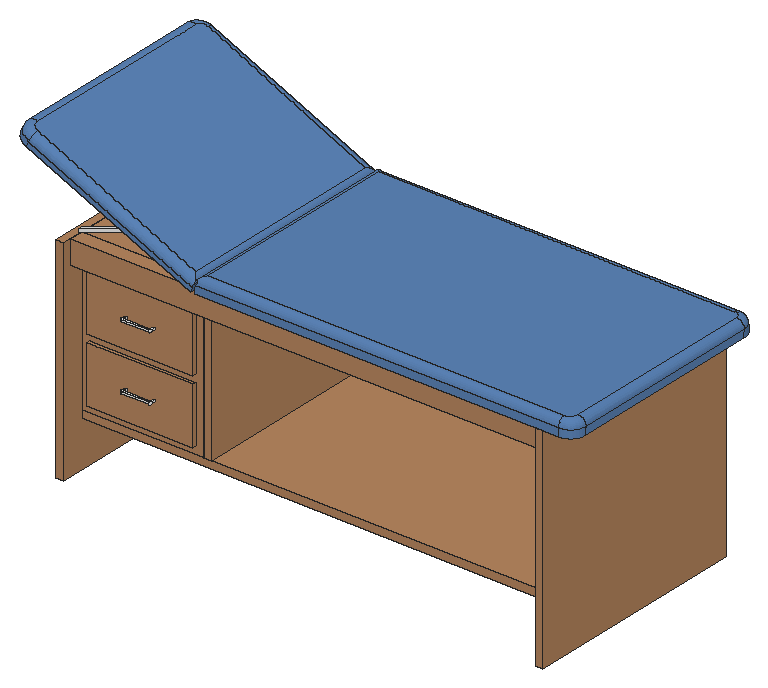
Revit family
Parameters (values of type "Treatment_Table_Reed")
  Width = Overall Width - 1' 10 5/32"  # 4' - 1 27/32"
  Subcategory = "Health Care Furniture "  # constant formula
  SmartBIM Object Version = 3  # constant formula
  SmartBIM Object Created By = "Reed Construction Data"  # constant formula
  Overall Width = 6' - 0"
  Unit = Wood Solid
  Height = 2' - 6"
  Handle = Aluminum Polished
  Drawer Width = 1' - 6"
  Depth = 2' - 6"
  Default Elevation = 4' - 0"
  Cushion = Cushion Material
  Bottom = 0' - 6"
  Assembly Code = "E1020810"
  95 CSI = "12560-400"  # constant formula
  04 CSI = "12 56 70"  # constant formula
Reference planes (in)
  plane 1 "Center F/B": y = 0
  plane 2: z = -1
  plane 3: y = 15
  plane 4: y = -15
  plane 5: x = -36
  plane 6: x = 36
  plane 7: z = 29
  plane 8: z = 27
  plane 9: z = 5
  plane 10: x = -13.83532
  plane 11: x = -32
  plane 12: x = -31
  plane 13: x = 32
  plane 14: x = 31
  plane 15: z = 24
  plane 16: y = -14
  plane 17: y = 14
  plane 18: y = 12
  plane 19: y = -12
  plane 20: z = 6
  plane 21: x = -14
  plane 22: z = 26
  plane 23: x = -15
  plane 24: z = 15
  plane 25: y = -12.5
  plane 26: x = -23
Forms (in)
  Extrusion 1, solid, material "Wood Solid" <- "Unit"
    sketch origin (0, 0, -1) x (1, 0, 0) y (0, 1, 0)
      loop
        line (-31, 15) -> (-32, 15) -> (-32, -15) -> (-31, -15) -> (-31, 15)
      loop
        line (32, 15) -> (31, 15) -> (31, -15) -> (32, -15) -> (32, 15)
    from 0 to 28
  Extrusion 2, solid, material "Cushion Material" <- "Cushion"
    sketch origin (0, 0, -1) x (1, 0, 0) y (0, 1, 0)
      loop
        line (-13.83532, -15) -> (34, -15)
        arc (34, -15) -> (35.41421, -14.41421) -> (36, -13) r 2
        line (36, -13) -> (36, 13)
        arc (36, 13) -> (35.41421, 14.41421) -> (34, 15) r 2
        line (34, 15) -> (-13.83532, 15) -> (-13.83532, -15)
    from 28 to 30
  Sweep 3, void
    path origin (0, 0, 27) x (1, 0, 0) y (0, 1, 0)
      loop
        arc (34, -15) -> (35.41421, -14.41421) -> (36, -13) r 2
        line (36, -13) -> (36, 13)
        arc (36, 13) -> (35.41421, 14.41421) -> (34, 15) r 2
        line (34, 15) -> (-13.83532, 15) -> (-13.83532, -15) -> (34, -15)
    profile origin (10.08234, -15, 27) x (0, -1, 0) y (0, 0, 1)
      loop
        line (0.125, 0) -> (0.125, 2) -> (-1, 2)
        arc (-1, 2) -> (-0.29289, 1.70711) -> (0, 1) r 1
        line (0, 1) -> (0, 0) -> (0.125, 0)
  Extrusion 4, solid, material "Cushion Material" <- "Cushion"
    sketch origin (-13.98395, 0, 28.73789) x (-0.913075, 0, 0.407793) y (0, -1, 0)
      loop
        line (23.1998, 15) -> (-0.36614, 15) -> (-0.36614, -15) -> (23.1998, -15)
        arc (23.1998, -15) -> (24.61401, -14.41421) -> (25.1998, -13) r 2
        line (25.1998, -13) -> (25.1998, 13)
        arc (25.1998, 13) -> (24.61401, 14.41421) -> (23.1998, 15) r 2
    from -1.73981 to 0
  Sweep 5, void
    path origin (-13.98395, 0, 28.73789) x (-0.913075, 0, 0.407793) y (0, -1, 0)
      loop
        line (23.1998, 15) -> (-0.50185, 15) -> (-0.50185, -15) -> (23.1998, -15)
        arc (23.1998, -15) -> (24.61401, -14.41421) -> (25.1998, -13) r 2
        line (25.1998, -13) -> (25.1998, 13)
        arc (25.1998, 13) -> (24.61401, 14.41421) -> (23.1998, 15) r 2
    profile origin (-24.3464, -15, 33.36592) x (0, 1, 0) y (0.407793, 0, 0.913075)
      loop
        line (-0.125, 0) -> (-0.125, -2) -> (0, -2) -> (0, -1)
        arc (0, -1) -> (0.29289, -0.29289) -> (1, 0) r 1
        line (1, 0) -> (-0.125, 0)
  Extrusion 6, solid, material "Wood Solid" <- "Unit"
    sketch origin (0, 0, -1) x (1, 0, 0) y (0, 1, 0)
      loop
        line (-31, 12) -> (-31, -12) -> (31, -12) -> (31, 12) -> (-31, 12)
    from 6 to 7
  Extrusion 7, solid, material "Wood Solid" <- "Unit"
    sketch origin (0, 0, -1) x (1, 0, 0) y (0, 1, 0)
      loop
        line (-31, 12) -> (-31, -12) -> (31, -12) -> (31, 12) -> (-31, 12)
    from 27 to 28
  Extrusion 8, solid, material "Wood Solid" <- "Unit"
    sketch origin (0, 0, -1) x (1, 0, 0) y (0, 1, 0)
      loop
        line (-14, 12) -> (-15, 12) -> (-15, -12) -> (-14, -12) -> (-14, 12)
    from 7 to 28
  Extrusion 9, solid, material "Wood Solid" <- "Unit"
    sketch origin (0, 0, -1) x (1, 0, 0) y (0, 1, 0)
      loop
        line (-31, -11.5) -> (-31, -12) -> (-15, -12) -> (-15, -11.5) -> (-31, -11.5)
      loop
        line (-15, 11.5) -> (-15, 12) -> (-31, 12) -> (-31, 11.5) -> (-15, 11.5)
    from 7 to 25
  Extrusion 10, solid, material "Wood Solid" <- "Unit"
    sketch origin (0, 0, 0) x (1, 0, 0) y (0, 0, 1)
      loop
        line (-16, 23) -> (-30, 23) -> (-30, 15.5) -> (-16, 15.5) -> (-16, 23)
      loop
        line (-16, 7) -> (-16, 14.5) -> (-30, 14.5) -> (-30, 7) -> (-16, 7)
    from 12 to 12.5
  Extrusion 11, solid, material "Aluminum Polished" <- "Handle"
    sketch origin (0, 0, 0) x (1, 0, 0) y (0, 0, 1)
      loop
        line (-31, 27) -> (-21.83387, 30.33834) -> (-22.49016, 30.63145) -> (-31, 27.53213) -> (-31, 27)
    from 12 to 12.5
  Extrusion 12, solid, material "Aluminum Polished" <- "Handle"
    sketch origin (0, 0, 0) x (1, 0, 0) y (0, 0, 1)
      loop
        line (-21.84356, 30.86694) -> (-31, 27.53213) -> (-31, 27) -> (-21.84356, 30.33481) -> (-21.84356, 30.86694)
    from -12 to -11.5
  Extrusion 13, solid, material "Wood Solid" <- "Unit"
    sketch origin (0, 0, -1) x (1, 0, 0) y (0, 1, 0)
      loop
        line (-31, 14) -> (-31, 12) -> (31, 12) -> (31, 14) -> (-31, 14)
      loop
        line (-31, -14) -> (31, -14) -> (31, -12) -> (-31, -12) -> (-31, -14)
    from 25 to 28
Cuts and joins
  Sweep 3 cuts Extrusion 1
  Sweep 3, Sweep 5 cuts Extrusion 2
  Sweep 5 cuts Extrusion 4
Dimensions and locks (in)
  equal spacing: plane 3, plane 1 "Center F/B", plane 4
  "Depth": plane 3 to plane 4
  plane 5 to plane 6 = 6' - 0"
  "Overall Width": plane 5 to plane 6
  "Height": plane 7 to plane 2
  locked: plane 7 to plane 8 at 2
  "Bottom": plane 9 to plane 2
  locked: Extrusion 2 sketch curve to Extrusion 2 sketch curve at 2.82843  (x2)
  locked: plane 4 to Sweep 3 sketch curve at 0.125
  locked: Extrusion 4 to Sweep 5 sketch curve at 0.125
  plane 5 to plane 11 to plane 12 = 0' - 4" locked, 0' - 1" locked
  plane 14 to plane 13 to plane 6 = 0' - 1" locked, 0' - 4" locked
  locked: plane 8 to plane 15 at 3
  plane 19 to plane 16 to plane 4 = 0' - 2" locked, 0' - 1" locked
  plane 3 to plane 17 to plane 18 = 0' - 1" locked, 0' - 2" locked
  locked: plane 20 to plane 9 at 1
  "Drawer Width": plane 11 to plane 21
  locked: plane 8 to plane 22 at 1
  locked: plane 23 to plane 21 at 1
  locked: Extrusion 9 sketch curve to plane 19 at 0.5
  locked: plane 18 to Extrusion 9 sketch curve at 0.5
  equal spacing: plane 15, plane 24, plane 20
  locked: Extrusion 10 sketch curve to plane 12 at 1
  locked: plane 23 to Extrusion 10 sketch curve at 1
  locked: Extrusion 10 sketch curve to plane 20 at 1
  Extrusion 10 sketch curve to plane 24 to Extrusion 10 sketch curve = 0' - 0 1/2" locked, 0' - 0 1/2" locked
  locked: plane 15 to Extrusion 10 sketch curve at 1
  locked: plane 19 to plane 25 at 0.5
  locked: plane 5 to plane 10 at 22.16468
  equal spacing: plane 11, plane 26, plane 21
  locked: Extrusion 11 sketch curve to Extrusion 11 sketch curve at 0.5
  locked: plane 10 to Extrusion 4 sketch curve at 0.18569
  locked: plane 8 to cut or joined group of Extrusion 4, Sweep 5 at 0
  locked: cut or joined group of Extrusion 4, Sweep 5 to plane 7 at 8.42561
  equal spacing: Extrusion 10, nested 2, Extrusion 10
  equal spacing: Extrusion 10, nested 1, Extrusion 10
  aligned and locked: Extrusion 1 sketch curve to plane 3  (x2)
  aligned and locked: Extrusion 1 sketch curve to plane 4  (x2)
  aligned and locked: plane 8 to Extrusion 1
  aligned and locked: Extrusion 2 sketch curve to plane 4
  aligned and locked: Extrusion 2 sketch curve to plane 10
  aligned and locked: Extrusion 2 sketch curve to plane 3
  aligned and locked: Extrusion 2 sketch curve to plane 6
  aligned and locked: Extrusion 2 to plane 8
  aligned and locked: plane 7 to Extrusion 2
  aligned and locked: Sweep 3 sketch curve to Extrusion 2  (x4)
  aligned and locked: plane 8 to Sweep 3 sketch curve
  aligned and locked: plane 7 to Sweep 3 sketch curve
  aligned and locked: plane 3 to Extrusion 4 sketch curve
  aligned and locked: Extrusion 4 sketch curve to plane 4
  aligned and locked: Sweep 5 sketch curve to Extrusion 4  (x3)
  aligned and locked: Extrusion 4 to Sweep 5 sketch curve
  aligned and locked: Extrusion 1 sketch curve to plane 12
  aligned and locked: Extrusion 1 sketch curve to plane 11
  aligned and locked: Extrusion 1 sketch curve to plane 14
  aligned and locked: Extrusion 1 sketch curve to plane 13
  aligned and locked: Extrusion 6 sketch curve to plane 12
  aligned and locked: Extrusion 6 sketch curve to plane 18
  aligned and locked: Extrusion 6 sketch curve to plane 19
  aligned and locked: Extrusion 6 sketch curve to plane 14
  aligned and locked: Extrusion 6 to plane 9
  aligned and locked: Extrusion 7 sketch curve to plane 18
  aligned and locked: Extrusion 7 sketch curve to plane 12
  aligned and locked: Extrusion 7 sketch curve to plane 19
  aligned and locked: Extrusion 7 sketch curve to plane 14
  aligned and locked: plane 8 to Extrusion 7
  aligned and locked: Extrusion 7 to plane 22
  aligned and locked: Extrusion 8 sketch curve to plane 21
  aligned and locked: Extrusion 8 sketch curve to plane 23
  aligned and locked: level to plane 2
  aligned and locked: plane 8 to Extrusion 8
  aligned and locked: Extrusion 7 to Extrusion 8 sketch curve
  aligned and locked: Extrusion 8 sketch curve to Extrusion 7
  aligned and locked: Extrusion 9 sketch curve to plane 18
  aligned and locked: Extrusion 9 sketch curve to plane 23  (x2)
  aligned and locked: Extrusion 9 sketch curve to plane 19
  aligned and locked: Extrusion 9 sketch curve to plane 12  (x2)
  aligned and locked: Extrusion 10 sketch curve to Extrusion 10 sketch curve  (x2)
  aligned and locked: plane 19 to Extrusion 10
  aligned and locked: Extrusion 10 to plane 25
  aligned and locked: nested 1 to plane 26
  aligned and locked: nested 2 to plane 26
  aligned and locked: nested 1 to plane 25
  aligned and locked: nested 2 to plane 25
  aligned and locked: Extrusion 11 sketch curve to plane 12
  aligned and locked: Extrusion 11 to Extrusion 10
  aligned and locked: plane 19 to Extrusion 11
  aligned and locked: Extrusion 12 sketch curve to Extrusion 11  (x3)
  aligned: Extrusion 12 sketch curve to Extrusion 11
  aligned and locked: plane 18 to Extrusion 12
  aligned and locked: Extrusion 12 to Extrusion 9
  aligned and locked: plane 8 to Extrusion 11 sketch curve
  aligned and locked: plane 20 to Extrusion 6
  aligned and locked: Extrusion 9 to plane 20
  aligned and locked: Extrusion 8 to plane 20
  aligned and locked: plane 15 to Extrusion 9
  aligned and locked: Extrusion 13 sketch curve to plane 12  (x2)
  aligned and locked: Extrusion 13 sketch curve to plane 16
  aligned and locked: Extrusion 13 sketch curve to plane 17
  aligned and locked: Extrusion 13 sketch curve to plane 18
  aligned and locked: Extrusion 13 sketch curve to plane 14  (x2)
  aligned and locked: Extrusion 13 sketch curve to plane 19
  aligned and locked: plane 8 to Extrusion 13
  aligned and locked: Extrusion 13 to plane 15
  aligned and locked: cut or joined group of Extrusion 4, Sweep 5 to Extrusion 11 sketch curve
Automatic sketch dimensions
  Sweep 3 sketch curve to profile plane = 0' - 0"
  profile plane to Sweep 3 sketch curve = 0' - 1"  (x2)
  Sweep 3 sketch curve to Sweep 3 sketch curve = 0' - 0"
  Extrusion 4 sketch curve to Extrusion 4 sketch curve = 1' - 11.56594"  (x2)
  Extrusion 4 sketch curve to plane 17 = 0' - 1"
  Sweep 5 sketch curve to profile plane = 0' - 0"
  Sweep 5 sketch curve to profile plane = 0' - 1"
  Sweep 5 sketch curve to Sweep 5 sketch curve = 0' - 1"
  plane 8 to Extrusion 11 sketch curve = 0' - 0.53213"
  Extrusion 4 to Sweep 5 sketch curve = 0' - 0.13571"
  plane 7 to Extrusion 12 sketch curve = 0' - 1.33481"
Nested families (in)
  nested 1: "handle Horizontal" at (-22.59158, -11.69761, 19.125), type "handle"
  nested 2: "handle Horizontal" at (-22.59158, -11.69761, 10.625), type "handle"
Definition of nested family "handle Horizontal"
  Parameters (values of type "handle")
    thickness of handle = 0' - 0 1/4"
    spacing = 0' - 0 1/2"
    material = Aluminum Polished
    Handle Width = 0' - 4"
    Default Elevation = 4' - 0"
    Assembly Code = ""
  Reference planes (in)
    plane 1 "Center (Front/Back)": y = -0.80239
    plane 2: z = 0
    plane 3: z = 0.25
    plane 4: x = -0.40842
    plane 5: x = 1.59158
    plane 6: x = -2.40842
    plane 7: y = -1.30239
    plane 8: y = -1.55239
    plane 9: x = -2.15842
    plane 10: x = 1.34158
    plane 11: z = 0.125
  Forms (in)
    Extrusion 1, solid, material "Aluminum Polished" <- "material"
      sketch origin (0, 0, 0) x (1, 0, 0) y (0, 1, 0)
        loop
          line (1.59158, -0.80239) -> (1.34158, -0.80239) -> (1.34158, -1.17739)
          arc (1.34158, -1.17739) -> (1.30496, -1.26578) -> (1.21658, -1.30239) r 0.125
          line (1.21658, -1.30239) -> (-2.03342, -1.30239)
          arc (-2.03342, -1.30239) -> (-2.12181, -1.26578) -> (-2.15842, -1.17739) r 0.125
          line (-2.15842, -1.17739) -> (-2.15842, -0.80239) -> (-2.40842, -0.80239) -> (-2.40842, -1.30239)
          arc (-2.40842, -1.30239) -> (-2.3352, -1.47917) -> (-2.15842, -1.55239) r 0.25
          line (-2.15842, -1.55239) -> (1.34158, -1.55239)
          arc (1.34158, -1.55239) -> (1.51835, -1.47917) -> (1.59158, -1.30239) r 0.25
          line (1.59158, -1.30239) -> (1.59158, -0.80239)
      from 0 to 0.25 <- "thickness of handle"
  Dimensions and locks (in)
    "thickness of handle": plane 3 to level
    equal spacing: plane 6, plane 4, plane 5
    "spacing": plane 7 to plane 1 "Center (Front/Back)"
    "thickness of handle": plane 7 to plane 8
    "thickness of handle": plane 6 to plane 9
    "thickness of handle": plane 10 to plane 5
    "Handle Width": plane 6 to plane 5
    "thickness of handle": Extrusion 1 sketch curve to Extrusion 1 sketch curve  (x3)
    "spacing": Extrusion 1 sketch curve to plane 1 "Center (Front/Back)"
    equal spacing: plane 3, plane 11, level
    aligned and locked: Extrusion 1 sketch curve to plane 1 "Center (Front/Back)"  (x2)
    aligned and locked: Extrusion 1 sketch curve to plane 9
    aligned and locked: Extrusion 1 sketch curve to plane 10
    aligned and locked: plane 3 to Extrusion 1
    aligned and locked: Extrusion 1 to plane 3
    aligned and locked: Extrusion 1 to level
  Automatic sketch dimensions
    Extrusion 1 sketch curve to plane 9 = 0' - 0"
    Extrusion 1 sketch curve to plane 7 = 0' - 0"
    plane 9 to Extrusion 1 sketch curve = 0' - 0 1/8"
    Extrusion 1 sketch curve to plane 10 = 0' - 0 1/8"
